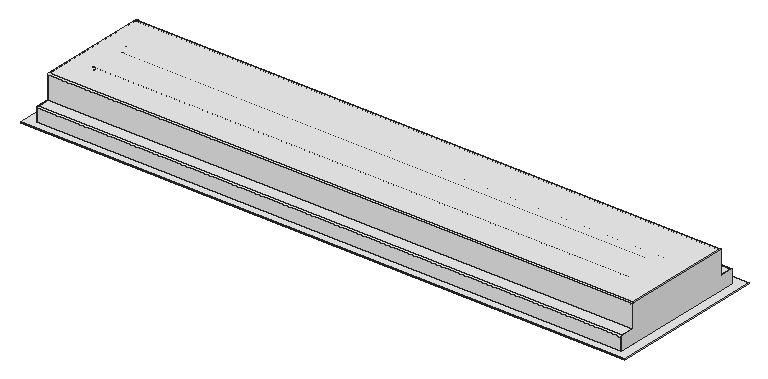
Revit family "VRIF-4104_1x4", category Lighting Fixtures, host Ceiling, Revit 2019
Family settings
  Host = Ceiling
  Round Connector Dimension = Use Diameter
  Part Type = Normal
  OmniClass Number = 23.80.70.11.14.17
  OmniClass Title = Direct/Indirect
  Always vertical = Yes
  Cut with Voids When Loaded = No
  Light Source = Yes
  Shared = No
  Room Calculation Point = No
Parameters (values of type "VRIF-4104-1X4-LED840K039LUNV")
  Width = 1' - 0 91/256"
  Wattage = 39 W
  built-in parameter 1150110 = 1 (stored number, unit not read)
  Voltage = 120 V
  URL = "https://www.viscor.com/en/products/vrif-4104"
  built-in parameter 1114217 = 0.9 (stored number, unit not read)
  Tilt Angle = 90.00°
  built-in parameter 1150109 = 1 (stored number, unit not read)
  built-in parameter 1150134 = 12
  built-in parameter 1150113 = 1 (stored number, unit not read)
  Photometric Web File = "VRIF-4104-1X4-LED840K039LUNV.ies"
  Model = "VRIF-4104"  # constant formula
  Manufacturer = "Certolux By Viscor"  # constant formula
  Lumens = 3705 lm
  built-in parameter 1150115 = 1 (stored number, unit not read)
  built-in parameter 1150105 = 294.83 (stored number, unit not read)
  built-in parameter 1150137 = (empty or 0)
  built-in parameter 1150139 = (empty or 0)
  Lens Flat = Acrylic - Viscor - Clear Lens
  Length = 4' - 0 39/128"
  Lamp Wattage = 39 VA
  built-in parameter 1150112 = 1 (stored number, unit not read)
  built-in parameter 1150114 = 1 (stored number, unit not read)
  Lamp = "LED"  # constant formula
  Inner Diffuser = Acrylic - Viscor - Frosted Round
  built-in parameter 1150132 = (empty or 0)
  built-in parameter 1150102 = (empty or 0)
  built-in parameter 1150138 = (empty or 0)
  built-in parameter 1150107 = 4000 (stored number, unit not read)
  built-in parameter 1150106 = 2.9483 (stored number, unit not read)
  Housing Finish = Metal - Viscor - White
  Emit from Rectangle Width = Width  # 1' - 0 91/256"
  Emit from Rectangle Length = Length  # 4' - 0 39/128"
  Emit Shape Visible in Rendering = no
  built-in parameter 1150104 = 8.8258 (stored number, unit not read)
  Dimming Lamp Color Temperature Shift = <None>
  Description = "LED Vandal Resistant Recessed Flanged Ceiling Inset Door"  # constant formula
  Color Filter = 16777215
  built-in parameter 1114218 = 1 (stored number, unit not read)
  built-in parameter 1150133 = 10 (stored number, unit not read)
  Assembly Code = ""
  Apparent Load = Lamp Wattage  # 39 VA
Types (3): name | Wattage | Photometric Web File | Lumens | built-in parameter 1150105 | Lamp Wattage | built-in parameter 1150106 | built-in parameter 1150104 | Apparent Load
  (no name) | 39 W | "VRIF-4104-1X4-LED840K039LUNV.ies" | 3705 lm | 294.83 (stored number, unit not read) | 39 VA | 2.9483 (stored number, unit not read) | 8.8258 (stored number, unit not read) | 39 VA
  VRIF-4104-1X4-LED840K033LUNV | 31 W | "VRIF-4104-1X4-LED840K033LUNV.ies" | 3007 lm | 239.29 (stored number, unit not read) | 31 VA | 2.3929 (stored number, unit not read) | 9.0116 (stored number, unit not read) | 31 VA
  VRIF-4104-1X4-LED840K039LUNV | 39 W | "VRIF-4104-1X4-LED840K039LUNV.ies" | 3705 lm | 294.83 (stored number, unit not read) | 39 VA | 2.9483 (stored number, unit not read) | 8.8258 (stored number, unit not read) | 39 VA
Reference planes (in)
  plane 1 "Light Source Axis (F/B)": y = 0
  plane 2 "Ceiling": z = 96
  plane 3 "Light Source Axis (L/R)": x = 0
  plane 4 "Light Source Elevation": z = 96
  plane 5: y = 6.17773
  plane 6: y = -6.17773
  plane 7 "Left": x = -24.15234
  plane 8 "Right": x = 24.15234
  plane 9 "Lens": z = 96.17
  plane 10: x = -23.40234
  plane 11: x = 23.40234
  plane 12: y = 5.42773
  plane 13: y = -5.42773
  plane 14: x = -22.1245
  plane 15: x = 22.1245
  plane 16: x = -23.35434
  plane 17: x = 23.35434
  plane 18 "us of lens frame": z = 95.94
Forms (in)
  Extrusion 1, void
    sketch origin (43.99109, -53.88196, 0) x (1, 0, 0) y (0, 1, 0)
      loop
        line (-68.14343, 60.05969) -> (-68.14343, 47.70422) -> (-19.83875, 47.70422) -> (-19.83875, 60.05969) -> (-68.14343, 60.05969)
    from 95.81772 to 99.27519
  Extrusion 2, solid, material "Metal - Viscor - White" <- "Housing Finish"
    sketch origin (0, 0, 0) x (0, 1, 0) y (0, 0, 1)
      loop
        line (5.52623, 96.068) -> (5.52623, 97.056)
        arc (5.52623, 97.056) -> (5.50075, 97.11752) -> (5.43923, 97.143) r 0.087
        line (5.43923, 97.143) -> (4.45223, 97.143)
        arc (4.45223, 97.143) -> (4.42466, 97.15442) -> (4.41323, 97.182) r 0.039
        line (4.41323, 97.182) -> (4.41323, 98.939)
        arc (4.41323, 98.939) -> (4.38775, 99.00052) -> (4.32623, 99.026) r 0.087
        line (4.32623, 99.026) -> (-4.32477, 99.026)
        arc (-4.32477, 99.026) -> (-4.38628, 99.00052) -> (-4.41177, 98.939) r 0.087
        line (-4.41177, 98.939) -> (-4.41177, 97.143) -> (-5.43777, 97.143)
        arc (-5.43777, 97.143) -> (-5.49928, 97.11752) -> (-5.52477, 97.056) r 0.087
        line (-5.52477, 97.056) -> (-5.52477, 96.068) -> (-5.47789, 96.068) -> (-5.47789, 97.056)
        arc (-5.47789, 97.056) -> (-5.46614, 97.08437) -> (-5.43777, 97.09613) r 0.04012
        line (-5.43777, 97.09613) -> (-4.36489, 97.09613) -> (-4.36489, 98.939)
        arc (-4.36489, 98.939) -> (-4.35314, 98.96737) -> (-4.32477, 98.97913) r 0.04012
        line (-4.32477, 98.97913) -> (4.32623, 98.97913)
        arc (4.32623, 98.97913) -> (4.35461, 98.96737) -> (4.36636, 98.939) r 0.04013
        line (4.36636, 98.939) -> (4.36636, 97.182)
        arc (4.36636, 97.182) -> (4.39151, 97.12128) -> (4.45223, 97.09613) r 0.08588
        line (4.45223, 97.09613) -> (5.43923, 97.09613)
        arc (5.43923, 97.09613) -> (5.46761, 97.08437) -> (5.47936, 97.056) r 0.04012
        line (5.47936, 97.056) -> (5.47936, 96.068) -> (5.52623, 96.068)
    from -23.35434 to 23.35434
  Extrusion 3, solid, material "Metal - Viscor - White" <- "Housing Finish"
    sketch origin (0, 0, 0) x (0, 1, 0) y (0, 0, 1)
      loop
        line (-5.51477, 96.068) -> (5.51623, 96.068) -> (5.51623, 97.093) -> (5.47623, 97.133) -> (4.38923, 97.133) -> (4.38923, 98.92173)
        arc (4.38923, 98.92173) -> (4.37033, 98.96396) -> (4.32623, 98.978) r 0.05663
        line (4.32623, 98.978) -> (-4.32477, 98.978)
        arc (-4.32477, 98.978) -> (-4.36181, 98.96746) -> (-4.38777, 98.939) r 0.07038
        line (-4.38777, 98.939) -> (-4.38777, 97.133) -> (-5.47477, 97.133) -> (-5.51477, 97.093) -> (-5.51477, 96.068)
    from 23.35434 to 23.40234
  Extrusion 4, solid, material "Metal - Viscor - White" <- "Housing Finish"
    sketch origin (0, 0, 0) x (0, 1, 0) y (0, 0, -1)
      loop
        line (-5.51477, -96.068) -> (-5.51477, -97.093) -> (-5.47477, -97.133) -> (-4.38777, -97.133) -> (-4.38777, -98.939)
        arc (-4.38777, -98.939) -> (-4.36181, -98.96746) -> (-4.32477, -98.978) r 0.07038
        line (-4.32477, -98.978) -> (4.32623, -98.978)
        arc (4.32623, -98.978) -> (4.37033, -98.96396) -> (4.38923, -98.92173) r 0.05663
        line (4.38923, -98.92173) -> (4.38923, -97.133) -> (5.47623, -97.133) -> (5.51623, -97.093) -> (5.51623, -96.068) -> (-5.51477, -96.068)
    from 23.35434 to 23.40234
  Extrusion 5, solid, material "Metal - Viscor - White" <- "Housing Finish"
    sketch origin (0, 0, 0) x (0, 1, 0) y (0, 0, 1)
      loop
        line (1.84089, 98.7229) -> (1.48719, 98.51037)
        arc (1.48719, 98.51037) -> (1.4555, 98.43571) -> (1.51672, 98.38249) r 0.069
        line (1.51672, 98.38249) -> (1.80516, 98.35726)
        arc (1.80516, 98.35726) -> (2.96453, 97.98167) -> (3.84339, 97.13739) r 2.71902
        line (3.84339, 97.13739) -> (4.09673, 96.75022)
        arc (4.09673, 96.75022) -> (4.12165, 96.7273) -> (4.15447, 96.719) r 0.069
        line (4.15447, 96.719) -> (4.42916, 96.719) -> (4.42916, 96.75) -> (4.15447, 96.75)
        arc (4.15447, 96.75) -> (4.1364, 96.75457) -> (4.12267, 96.76719) r 0.038
        line (4.12267, 96.76719) -> (3.86933, 97.15436)
        arc (3.86933, 97.15436) -> (2.98045, 98.00827) -> (1.80786, 98.38814) r 2.75002
        line (1.80786, 98.38814) -> (1.51942, 98.41337)
        arc (1.51942, 98.41337) -> (1.4857, 98.44268) -> (1.50316, 98.4838) r 0.038
        line (1.50316, 98.4838) -> (1.85686, 98.69633) -> (1.84089, 98.7229)
    from -22.1245 to 22.1245
  Extrusion 6, solid, material "Metal - Viscor - White" <- "Housing Finish"
    sketch origin (0, 0, 0) x (0, -1, 0) y (0, 0, -1)
      loop
        line (1.84089, -98.7229) -> (1.85686, -98.69633) -> (1.50316, -98.4838)
        arc (1.50316, -98.4838) -> (1.4857, -98.44268) -> (1.51942, -98.41337) r 0.038
        line (1.51942, -98.41337) -> (1.80786, -98.38814)
        arc (1.80786, -98.38814) -> (2.98045, -98.00827) -> (3.86933, -97.15436) r 2.75002
        line (3.86933, -97.15436) -> (4.12267, -96.76719)
        arc (4.12267, -96.76719) -> (4.1364, -96.75457) -> (4.15447, -96.75) r 0.038
        line (4.15447, -96.75) -> (4.42916, -96.75) -> (4.42916, -96.719) -> (4.15447, -96.719)
        arc (4.15447, -96.719) -> (4.12165, -96.7273) -> (4.09673, -96.75022) r 0.069
        line (4.09673, -96.75022) -> (3.84339, -97.13739)
        arc (3.84339, -97.13739) -> (2.96453, -97.98167) -> (1.80516, -98.35726) r 2.71902
        line (1.80516, -98.35726) -> (1.51672, -98.38249)
        arc (1.51672, -98.38249) -> (1.4555, -98.43571) -> (1.48719, -98.51037) r 0.069
        line (1.48719, -98.51037) -> (1.84089, -98.7229)
    from -22.1245 to 22.1245
  Extrusion 7, solid, material "Acrylic - Viscor - Frosted Round" <- "Inner Diffuser"
    sketch origin (0, 0, 0) x (0, 1, 0) y (0, 0, 1)
      loop
        line (1.56911, 98.62963) -> (1.71728, 98.61733)
        arc (1.71728, 98.61733) -> (1.73696, 98.62861) -> (1.73345, 98.65102) r 0.02
        arc (1.73345, 98.65102) -> (1.7103, 98.66789) -> (1.68266, 98.67539) r 0.079
        line (1.68266, 98.67539) -> (1.57366, 98.68444)
        arc (1.57366, 98.68444) -> (1.48261, 98.66336) -> (1.42081, 98.59324) r 0.153
        line (1.42081, 98.59324) -> (1.39397, 98.53185)
        arc (1.39397, 98.53185) -> (1.40065, 98.39586) -> (1.51307, 98.31904) r 0.153
        line (1.51307, 98.31904) -> (1.99145, 98.25242)
        arc (1.99145, 98.25242) -> (2.02433, 98.23969) -> (2.0481, 98.21365) r 0.07705
        line (2.0481, 98.21365) -> (2.16497, 98.00419)
        arc (2.16497, 98.00419) -> (2.16489, 97.98729) -> (2.15851, 97.97165) r 0.04443
        arc (2.15851, 97.97165) -> (0.00073, 96.804) -> (-2.15704, 97.97165) r 2.57756
        arc (-2.15704, 97.97165) -> (-2.16342, 97.98729) -> (-2.1635, 98.00419) r 0.04443
        line (-2.1635, 98.00419) -> (-2.04664, 98.21365)
        arc (-2.04664, 98.21365) -> (-2.02286, 98.23969) -> (-1.98998, 98.25242) r 0.07705
        line (-1.98998, 98.25242) -> (-1.5116, 98.31904)
        arc (-1.5116, 98.31904) -> (-1.39918, 98.39586) -> (-1.3925, 98.53185) r 0.153
        line (-1.3925, 98.53185) -> (-1.41934, 98.59324)
        arc (-1.41934, 98.59324) -> (-1.48114, 98.66336) -> (-1.5722, 98.68444) r 0.153
        line (-1.5722, 98.68444) -> (-1.68119, 98.67539)
        arc (-1.68119, 98.67539) -> (-1.70883, 98.66789) -> (-1.73198, 98.65102) r 0.079
        arc (-1.73198, 98.65102) -> (-1.7355, 98.62861) -> (-1.71581, 98.61733) r 0.02
        line (-1.71581, 98.61733) -> (-1.56764, 98.62963)
        arc (-1.56764, 98.62963) -> (-1.50932, 98.61613) -> (-1.46973, 98.57122) r 0.098
        line (-1.46973, 98.57122) -> (-1.4429, 98.50982)
        arc (-1.4429, 98.50982) -> (-1.44718, 98.42272) -> (-1.51918, 98.37351) r 0.098
        line (-1.51918, 98.37351) -> (-1.99757, 98.30689)
        arc (-1.99757, 98.30689) -> (-2.05393, 98.28508) -> (-2.09467, 98.24045) r 0.13205
        line (-2.09467, 98.24045) -> (-2.21501, 98.02475)
        arc (-2.21501, 98.02475) -> (-2.21827, 97.98184) -> (-2.20308, 97.94157) r 0.09943
        arc (-2.20308, 97.94157) -> (0.00073, 96.749) -> (2.20455, 97.94157) r 2.63256
        arc (2.20455, 97.94157) -> (2.21973, 97.98184) -> (2.21648, 98.02475) r 0.09943
        line (2.21648, 98.02475) -> (2.09613, 98.24045)
        arc (2.09613, 98.24045) -> (2.05539, 98.28508) -> (1.99904, 98.30689) r 0.13205
        line (1.99904, 98.30689) -> (1.52065, 98.37351)
        arc (1.52065, 98.37351) -> (1.44865, 98.42272) -> (1.44437, 98.50982) r 0.098
        line (1.44437, 98.50982) -> (1.4712, 98.57122)
        arc (1.4712, 98.57122) -> (1.51079, 98.61613) -> (1.56911, 98.62963) r 0.098
    from -22.1245 to 22.1245
  Extrusion 8, solid, material "Metal - Viscor - White" <- "Housing Finish"
    sketch origin (0, 0, 96) x (1, 0, 0) y (0, 1, 0)
      loop
        line (-24.15234, -6.17773) -> (24.15234, -6.17773) -> (24.15234, 6.17773) -> (-24.15234, 6.17773) -> (-24.15234, -6.17773)
      loop
        line (23.40234, -5.42773) -> (23.40234, 5.42773) -> (-23.40234, 5.42773) -> (-23.40234, -5.42773) -> (23.40234, -5.42773)
    from 0 to 0.048
  Extrusion 9, solid
    sketch origin (0, 0, 95.94) x (-1, 0, 0) y (0, -1, 0)
      loop
        line (23.3275, -5.3275) -> (23.3275, 5.3275) -> (-23.3275, 5.3275) -> (-23.3275, -5.3275) -> (23.3275, -5.3275)
      loop
        line (21.8275, -3.8275) -> (21.8275, 3.8275) -> (-21.8275, 3.8275) -> (-21.8275, -3.8275) -> (21.8275, -3.8275)
    from 0 to 0.5
  Extrusion 10, solid, material "Acrylic - Viscor - Clear Lens" <- "Lens Flat"
    sketch origin (0, 0, 0) x (0, 1, 0) y (0, 0, 1)
      loop
        line (4.12573, 96.018) -> (4.12573, 96.143) -> (-4.12427, 96.143) -> (-4.12427, 96.018) -> (4.12573, 96.018)
    from -22.1245 to 22.1245
Dimensions and locks (in)
  equal spacing: host sketch curve, plane 3 "Light Source Axis (L/R)", host sketch curve
  equal spacing: host sketch curve, plane 1 "Light Source Axis (F/B)", host sketch curve
  host sketch curve to host sketch curve = 10' - 0"  (x2)
  equal spacing: plane 7 "Left", plane 3 "Light Source Axis (L/R)", plane 8 "Right"
  "Length": plane 7 "Left" to plane 8 "Right"
  equal spacing: plane 5, plane 1 "Light Source Axis (F/B)", plane 6
  "Width": plane 5 to plane 6
  locked: plane 10 to plane 7 "Left" at 0.75
  locked: plane 11 to plane 8 "Right" at 0.75
  locked: plane 12 to plane 5 at 0.75
  plane 6 to plane 13 to plane 1 "Light Source Axis (F/B)" = 0' - 0 3/4" locked, 0' - 5.42773"
  plane 7 "Left" to plane 14 to plane 3 "Light Source Axis (L/R)" = 0' - 2.02784" locked, 1' - 10.1245"
  locked: plane 15 to plane 8 "Right" at 2.02784
  plane 10 to plane 16 to plane 14 = 0' - 0.048", 0' - 1.22984"
  locked: plane 17 to plane 11 at 0.048
  locked: plane 18 "us of lens frame" to plane 4 "Light Source Elevation" at 0.06
  aligned and locked: plane 3 "Light Source Axis (L/R)" to imposter light
  aligned and locked: plane 1 "Light Source Axis (F/B)" to imposter light
  aligned and locked: plane 4 "Light Source Elevation" to imposter light
  aligned and locked: Extrusion 1 to plane 7 "Left"
  aligned and locked: plane 8 "Right" to Extrusion 1
  aligned and locked: Extrusion 1 to plane 6
  aligned and locked: plane 5 to Extrusion 1
  aligned and locked: plane 14 to Extrusion 5
  aligned and locked: Extrusion 5 to plane 15
  aligned and locked: Extrusion 6 to plane 15
  aligned and locked: plane 14 to Extrusion 6
  aligned and locked: plane 16 to Extrusion 2
  aligned and locked: Extrusion 4 to plane 10
  aligned and locked: Extrusion 4 to plane 16
  aligned and locked: Extrusion 2 to plane 17
  aligned and locked: plane 11 to Extrusion 3
  aligned and locked: plane 17 to Extrusion 3
  aligned and locked: Extrusion 7 to plane 15
  aligned and locked: plane 14 to Extrusion 7
  aligned and locked: plane 14 to Extrusion 10
  aligned and locked: Extrusion 10 to plane 15
Automatic sketch dimensions
  Extrusion 1 sketch curve to plane 6 = 0' - 0"
  Extrusion 1 sketch curve to plane 7 "Left" = 0' - 0"
  Extrusion 1 sketch curve to plane 8 "Right" = 0' - 0"
  Extrusion 1 sketch curve to plane 5 = 0' - 0"
  Extrusion 2 sketch curve to Extrusion 2 sketch curve = 0' - 0"  (x10)
  Extrusion 2 sketch curve to plane 13 = 0' - 0.09703"
  Extrusion 2 sketch curve to Extrusion 2 sketch curve = 0' - 0 3/64"  (x2)
  Extrusion 2 sketch curve to plane 13 = 0' - 0.01003"
  plane 13 to Extrusion 2 sketch curve = 0' - 1.01597"
  Extrusion 2 sketch curve to Extrusion 2 sketch curve = 0' - 0.04012"
  Extrusion 2 sketch curve to plane 12 = 0' - 1.1015"
  Extrusion 2 sketch curve to plane 12 = 0' - 1.06137"
  Extrusion 2 sketch curve to Extrusion 2 sketch curve = 0' - 0.039"
  plane 12 to Extrusion 2 sketch curve = 0' - 0.0115"
  plane 12 to Extrusion 2 sketch curve = 0' - 0.05163"
  plane 9 "Lens" to Extrusion 2 sketch curve = 0' - 0.886"  (x2)
  Extrusion 2 sketch curve to Extrusion 2 sketch curve = 0' - 1.796"
  Extrusion 3 sketch curve to plane 13 = 0' - 0.08703"
  Extrusion 3 sketch curve to plane 13 = 0' - 0.04703"
  plane 13 to Extrusion 3 sketch curve = 0' - 1.03997"
  Extrusion 3 sketch curve to Extrusion 3 sketch curve = 0' - 0.063"
  Extrusion 3 sketch curve to plane 12 = 0' - 1.1015"
  Extrusion 3 sketch curve to Extrusion 3 sketch curve = 0' - 0.00637"
  Extrusion 3 sketch curve to plane 12 = 0' - 1.0385"
  plane 12 to Extrusion 3 sketch curve = 0' - 0.0485"
  plane 12 to Extrusion 3 sketch curve = 0' - 0.0885"
  plane 9 "Lens" to Extrusion 3 sketch curve = 0' - 0.923"  (x2)
  plane 9 "Lens" to Extrusion 3 sketch curve = 0' - 0.963"  (x2)
  Extrusion 3 sketch curve to Extrusion 3 sketch curve = 0' - 1.77462"
  Extrusion 3 sketch curve to Extrusion 3 sketch curve = 0' - 1.78873"
  Extrusion 4 sketch curve to plane 13 = 0' - 0.08703"
  Extrusion 4 sketch curve to plane 13 = 0' - 0.04703"
  plane 13 to Extrusion 4 sketch curve = 0' - 1.03997"
  Extrusion 4 sketch curve to Extrusion 4 sketch curve = 0' - 0.063"
  Extrusion 4 sketch curve to plane 12 = 0' - 1.1015"
  Extrusion 4 sketch curve to Extrusion 4 sketch curve = 0' - 0.00637"
  Extrusion 4 sketch curve to plane 12 = 0' - 1.0385"
  plane 12 to Extrusion 4 sketch curve = 0' - 0.0485"
  plane 12 to Extrusion 4 sketch curve = 0' - 0.0885"
  plane 9 "Lens" to Extrusion 4 sketch curve = 0' - 0.923"  (x2)
  plane 9 "Lens" to Extrusion 4 sketch curve = 0' - 0.963"  (x2)
  Extrusion 4 sketch curve to Extrusion 4 sketch curve = 0' - 1.77462"
  Extrusion 4 sketch curve to Extrusion 4 sketch curve = 0' - 1.78873"
  Extrusion 5 sketch curve to Extrusion 5 sketch curve = 0' - 0"  (x6)
  Extrusion 5 sketch curve to plane 1 "Light Source Axis (F/B)" = 0' - 1.48719"
  Extrusion 5 sketch curve to Extrusion 5 sketch curve = 0' - 0.01597"  (x2)
  Extrusion 5 sketch curve to Extrusion 5 sketch curve = 0' - 0.01356"
  Extrusion 5 sketch curve to Extrusion 5 sketch curve = 0' - 0.0027"  (x2)
  Extrusion 5 sketch curve to Extrusion 5 sketch curve = 0' - 0.00331"
  Extrusion 5 sketch curve to plane 2 "Ceiling" = 0' - 0.35142"
  Extrusion 5 sketch curve to plane 1 "Light Source Axis (F/B)" = 0' - 1.56818"
  Extrusion 5 sketch curve to Extrusion 5 sketch curve = 0' - 0.28845"
  Extrusion 5 sketch curve to Extrusion 5 sketch curve = 0' - 0.03303"
  Extrusion 5 sketch curve to plane 12 = 0' - 1.58435"
  Extrusion 5 sketch curve to Extrusion 5 sketch curve = 0' - 0.02594"  (x2)
  Extrusion 5 sketch curve to Extrusion 5 sketch curve = 0' - 0.25335"
  plane 9 "Lens" to Extrusion 5 sketch curve = 0' - 0.59719"
  Extrusion 5 sketch curve to Extrusion 5 sketch curve = 0' - 0.0318"
  Extrusion 5 sketch curve to Extrusion 5 sketch curve = 0' - 0.27469"
  Extrusion 5 sketch curve to Extrusion 5 sketch curve = 0' - 0.04819"
  Extrusion 5 sketch curve to Extrusion 5 sketch curve = 0' - 0.031"
  Extrusion 5 sketch curve to Extrusion 5 sketch curve = 0' - 0.38717"
  Extrusion 5 sketch curve to Extrusion 5 sketch curve = 0' - 0.01697"
  Extrusion 5 sketch curve to Extrusion 5 sketch curve = 0' - 0.02524"
  Extrusion 5 sketch curve to Extrusion 5 sketch curve = 0' - 0.03088"
  Extrusion 5 sketch curve to Extrusion 5 sketch curve = 0' - 0.03786"
  Extrusion 6 sketch curve to Extrusion 6 sketch curve = 0' - 0"  (x6)
  Extrusion 6 sketch curve to plane 1 "Light Source Axis (F/B)" = 0' - 1.48719"
  Extrusion 6 sketch curve to Extrusion 6 sketch curve = 0' - 0.01597"  (x2)
  Extrusion 6 sketch curve to Extrusion 6 sketch curve = 0' - 0.01356"
  Extrusion 6 sketch curve to Extrusion 6 sketch curve = 0' - 0.0027"  (x2)
  Extrusion 6 sketch curve to Extrusion 6 sketch curve = 0' - 0.00331"
  plane 2 "Ceiling" to Extrusion 6 sketch curve = 0' - 0.35142"
  Extrusion 6 sketch curve to plane 1 "Light Source Axis (F/B)" = 0' - 1.56818"
  Extrusion 6 sketch curve to Extrusion 6 sketch curve = 0' - 0.28845"
  Extrusion 6 sketch curve to Extrusion 6 sketch curve = 0' - 0.03303"
  Extrusion 6 sketch curve to plane 13 = 0' - 1.58435"
  Extrusion 6 sketch curve to Extrusion 6 sketch curve = 0' - 0.02594"  (x2)
  Extrusion 6 sketch curve to Extrusion 6 sketch curve = 0' - 0.25335"
  Extrusion 6 sketch curve to plane 9 "Lens" = 0' - 0.59719"
  Extrusion 6 sketch curve to Extrusion 6 sketch curve = 0' - 0.0318"
  Extrusion 6 sketch curve to Extrusion 6 sketch curve = 0' - 0.27469"
  Extrusion 6 sketch curve to Extrusion 6 sketch curve = 0' - 0.04819"
  Extrusion 6 sketch curve to Extrusion 6 sketch curve = 0' - 0.031"
  Extrusion 6 sketch curve to Extrusion 6 sketch curve = 0' - 0.38717"
  Extrusion 6 sketch curve to Extrusion 6 sketch curve = 0' - 0.01697"
  Extrusion 6 sketch curve to Extrusion 6 sketch curve = 0' - 0.02524"
  Extrusion 6 sketch curve to Extrusion 6 sketch curve = 0' - 0.03088"
  Extrusion 6 sketch curve to Extrusion 6 sketch curve = 0' - 0.03786"
  Extrusion 7 sketch curve to plane 1 "Light Source Axis (F/B)" = 0' - 1.561"
  Extrusion 7 sketch curve to Extrusion 7 sketch curve = 0' - 0.00811"  (x2)
  plane 9 "Lens" to Extrusion 7 sketch curve = 0' - 2.36197"
  Extrusion 7 sketch curve to Extrusion 7 sketch curve = 0' - 0 25/256"
  Extrusion 7 sketch curve to Extrusion 7 sketch curve = 0' - 0.0898"  (x2)
  Extrusion 7 sketch curve to Extrusion 7 sketch curve = 0' - 0.14817"  (x2)
  Extrusion 7 sketch curve to Extrusion 7 sketch curve = 0' - 0.01231"  (x2)
  Extrusion 7 sketch curve to Extrusion 7 sketch curve = 0' - 0.02683"  (x4)
  Extrusion 7 sketch curve to Extrusion 7 sketch curve = 0' - 0.06139"  (x4)
  Extrusion 7 sketch curve to Extrusion 7 sketch curve = 0' - 0.01352"  (x2)
  Extrusion 7 sketch curve to Extrusion 7 sketch curve = 0' - 0.28176"
  Extrusion 7 sketch curve to Extrusion 7 sketch curve = 0' - 0.31043"
  Extrusion 7 sketch curve to Extrusion 7 sketch curve = 0' - 0.01821"
  Extrusion 7 sketch curve to Extrusion 7 sketch curve = 0' - 0.13078"
  Extrusion 7 sketch curve to Extrusion 7 sketch curve = 0' - 0.0971"  (x2)
  Extrusion 7 sketch curve to Extrusion 7 sketch curve = 0' - 0.12035"
  Extrusion 7 sketch curve to Extrusion 7 sketch curve = 0' - 0.2157"
  Extrusion 7 sketch curve to Extrusion 7 sketch curve = 0' - 0.09517"
  Extrusion 7 sketch curve to Extrusion 7 sketch curve = 0' - 0.0288"
  Extrusion 7 sketch curve to Extrusion 7 sketch curve = 0' - 0.01193"  (x2)
  Extrusion 7 sketch curve to plane 1 "Light Source Axis (F/B)" = 0' - 0.00073"
  plane 1 "Light Source Axis (F/B)" to Extrusion 7 sketch curve = 0' - 2.20308"
  Extrusion 7 sketch curve to Extrusion 7 sketch curve = 0' - 0"  (x22)
  Extrusion 7 sketch curve to Extrusion 7 sketch curve = 0' - 0.08323"
  Extrusion 7 sketch curve to Extrusion 7 sketch curve = 0' - 0.02518"
  Extrusion 7 sketch curve to Extrusion 7 sketch curve = 0' - 0.2445"
  Extrusion 7 sketch curve to Extrusion 7 sketch curve = 0' - 0.11531"
  Extrusion 7 sketch curve to Extrusion 7 sketch curve = 0' - 0.06434"
  Extrusion 7 sketch curve to Extrusion 7 sketch curve = 0' - 0.47838"
  Extrusion 7 sketch curve to Extrusion 7 sketch curve = 0' - 0.06662"
  Extrusion 7 sketch curve to Extrusion 7 sketch curve = 0' - 0.09706"
  Extrusion 7 sketch curve to Extrusion 7 sketch curve = 0' - 0.00166"  (x2)
  Extrusion 7 sketch curve to Extrusion 7 sketch curve = 0' - 0.01993"  (x2)
  Extrusion 7 sketch curve to Extrusion 7 sketch curve = 0' - 0.01451"  (x2)
  Extrusion 7 sketch curve to Extrusion 7 sketch curve = 0' - 0.04116"  (x2)
  Extrusion 7 sketch curve to Extrusion 7 sketch curve = 0' - 0.03627"  (x2)
  Extrusion 7 sketch curve to Extrusion 7 sketch curve = 0' - 0.00455"  (x2)
  Extrusion 7 sketch curve to Extrusion 7 sketch curve = 0' - 0.05481"  (x2)
  Extrusion 7 sketch curve to Extrusion 7 sketch curve = 0' - 0.0504"  (x4)
  Extrusion 7 sketch curve to Extrusion 7 sketch curve = 0' - 0.02203"  (x2)
  Extrusion 7 sketch curve to Extrusion 7 sketch curve = 0' - 0.00759"  (x4)
  Extrusion 7 sketch curve to Extrusion 7 sketch curve = 0' - 0.05447"  (x2)
  Extrusion 7 sketch curve to Extrusion 7 sketch curve = 0' - 0.04803"  (x2)
  Extrusion 7 sketch curve to Extrusion 7 sketch curve = 0' - 0.04366"  (x2)
  Extrusion 7 sketch curve to Extrusion 7 sketch curve = 0' - 0.00823"  (x2)
  Extrusion 7 sketch curve to Extrusion 7 sketch curve = 0' - 0.00647"
  Extrusion 8 sketch curve to plane 5 = 0' - 0"
  Extrusion 8 sketch curve to plane 8 "Right" = 0' - 0"
  plane 7 "Left" to Extrusion 8 sketch curve = 0' - 0 3/4"
  plane 13 to Extrusion 8 sketch curve = 0' - 0"
  Extrusion 8 sketch curve to plane 7 "Left" = 0' - 0"
  plane 12 to Extrusion 8 sketch curve = 0' - 0"
  Extrusion 8 sketch curve to plane 11 = 0' - 0"
  Extrusion 8 sketch curve to plane 6 = 0' - 0"
  plane 2 "Ceiling" to Extrusion 2 sketch curve = 0' - 0.068"  (x2)
  plane 2 "Ceiling" to Extrusion 3 sketch curve = 0' - 0.068"
  plane 2 "Ceiling" to Extrusion 4 sketch curve = 0' - 0.068"
  Extrusion 9 sketch curve to plane 17 = 0' - 0.02684"
  Extrusion 9 sketch curve to plane 14 = 0' - 0.297"
  plane 16 to Extrusion 9 sketch curve = 0' - 0.02684"
  Extrusion 9 sketch curve to plane 12 = 0' - 0.10023"
  Extrusion 9 sketch curve to plane 12 = 0' - 1.60023"
  plane 13 to Extrusion 9 sketch curve = 0' - 0.10023"
  plane 1 "Light Source Axis (F/B)" to Extrusion 9 sketch curve = 0' - 3.8275"
  plane 15 to Extrusion 9 sketch curve = 0' - 0.297"
  plane 2 "Ceiling" to Extrusion 10 sketch curve = 0' - 0.018"
  plane 13 to Extrusion 10 sketch curve = 0' - 1.30347"
  Extrusion 10 sketch curve to plane 9 "Lens" = 0' - 0.027"
  Extrusion 10 sketch curve to plane 12 = 0' - 1.302"
Connectors (in)
  electrical at (0, 0, 96), driven by "Voltage", driven by "Apparent Load"
    settings: index 1, voltage 120 V, apparent load 0 VA, apparent load phase1 39 VA, apparent load phase2 0 VA, apparent load phase3 0 VA, power factor 1, load classification "Other", number of poles 1, system type 31, power factor state 1, is connector primary yes, connector utility no, sub classification motor no, connector description ""
